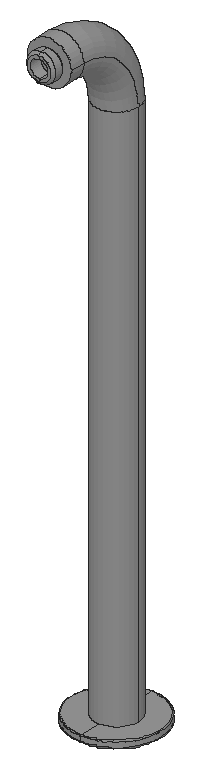
Revit family "Shower-Showerarm-KOHLER-K-15397T_1", category Plumbing Fixtures, host Face, Revit 2017
Family settings
  Host = Face
  Round Connector Dimension = Use Diameter
  Part Type = Normal
  OmniClass Number = 23.31.17.00
  Cut with Voids When Loaded = No
  Shared = No
  Room Calculation Point = No
Parameters (values of type "Not a Type-See Type Catalog")
  Width = 2 143/256"  # constant formula
  WaterSense Certified = 1 = 0  # no
  Waste Water Outlet = "Waste Water Outlet"  # constant formula
  Waste Connection = 1 = 0  # no
  Vent Connection = 1 = 0  # no
  URL = "http://www.kohler.com.cn/"
  Type = 0
  Product Page URL = "https://www.kohler.com.cn/product/K-15397T-B-CP/K-15397T-B-2BZ/"
  Product Name = ""
  Product Documentation Link = "https://files.kohler.com.cn/pdfs/1532355004750_15397T-B-CP%2015396T-B-CP%2015399T-B-CP%2015398T-B-CP%2021776T-CP%20安装说明书.pdf"
  Pressure = 0.00 psi
  Panel Thickness = 0"
  Model = if(Type = 1, "K-15397T-B-2BZ", if(Type = 2, "K-15397T-B-RGD ", if(Type = 3, "K-15397T-B-TT", if(Type = 4, "K-15397T-B-BV", if(Type = 5, "K-15397T-B-PGD", if(Type = 6, "K-15397T-B-SN", if(Type = 7, "K-15397T-B-BN", if(Type = 8, "K-15397T-B-AF", if(Type = 9, "K-15397T-B-CP", if(Type = 10, "K-15397T-B-2BL", if(Type = 11, "K-15397T-B-BL", if(Type = 12, "K-15397T-B-2MB", "NA"))))))))))))  # "NA"
  Material = "Premium Metal Construction"  # constant formula
  Master Format 2014 Name = "Residential Showers"  # constant formula
  Master Format 2014 = "22 42 23"  # constant formula
  Manufacturer Address = "Kohler Beijing Office (100016) 36-2-03-B, No. 88, Liuxiang Road, Beijing"  # constant formula
  Manufacturer = "KOHLER Co."  # constant formula
  Length = 17 7/8"  # constant formula
  Hot Water Inlet = "Tempered Water Inlet"  # constant formula
  Height = 2.55906"  # constant formula
  HW Connection = 1 = 1  # yes
  Flow Rate = 0 GPM
  Finish = Default
  Environmental Product Declaration = ""
  Drain Included = 1 = 0  # no
  Description = "Rain Shower Arm 19 inch"  # constant formula
  Default Elevation = 72"
  Declare Label = ""
  Date Modified = "09/22/2020"  # constant formula
  Date Created = "09/22/2020"  # constant formula
  Copyright = "Copyright KOHLER Co."  # constant formula
  Contact Us = "http://www.kohler.com.cn/contact/contact-us/"
  Cold Water Inlet = "Cold Water Inlet"  # constant formula
  CW Connection = 1 = 0  # no
  Assembly Code = "D2010700"
  ADA Compliant = 1 = 0  # no
Reference planes (in)
  plane 1 "Center (Front/Back)": y = 0
  plane 2: z = 0
  plane 3 "Center (Left/Right)": x = 0
  plane 4: y = 1.27953
  plane 5: y = -1.27953
  plane 6: x = -1.27953
  plane 7: x = 1.27907
  plane 8: y = -2.75563
  plane 9: z = 17.875
  plane 10: z = 0.19685
  plane 11: x = 0.625
  plane 12: x = -0.625
  plane 13: y = 0.625
  plane 14: y = -0.625
  plane 15: z = 18.49902
  plane 16: y = -2.38976
Dimensions and locks (in)
  "Length": level to plane 9
  "Height": plane 5 to plane 4
  "Width": plane 6 to plane 7
  aligned and locked: plane 2 to host face
  aligned and locked: level to host face
Automatic sketch dimensions
  host sketch curve to host sketch curve = 96"  (x2)
Nested families (in)
  nested 1: "K-15397T" at (0, 0, 0), type "K-15397T"
Connectors (in)
  piping at (0, 0, 0), diameter 0.5, driven by "HW Connection", driven by "Hot Water Inlet", driven by "Flow Rate"
    settings: on nested 1, index 1, connector inside diameter 24", connector length 0", flow factor 0, pipe flow 0 GPM, pressure drop 0.00 psi, fitting loss kfactor 0, connector angle 0.00°, fixture units 0, engagement length 0", angle of deflection 0.00°, flow configuration 0, flow direction 1, fitting loss method 0, system type 19, joint type 0, gender type 0, connector reference index -1, connector utility 1, adjustable connector no, is connector primary yes, connector description "Tempered Water Inlet"
Definition of nested family "K-15397T"
  Parameters (values of type "K-15397T")
    Material = none
  Reference planes (in)
    plane 1 "Center (Front/Back)": y = 0
    plane 2: z = 0
    plane 3 "Center (Left/Right)": x = 0
    plane 4: y = 1.27953
    plane 5: y = -1.27953
    plane 6: x = -1.27953
    plane 7: x = 1.27953
    plane 8: z = 17.87402
    plane 9: y = -2.75591
  Forms (in)
    Sweep 1, solid, material <- "Material", detail levels medium+fine
      path origin (0, 0, 0) x (0, 1, 0) y (0, 0, 1)
        loop
          line (-2.38976, 17.87402) -> (-1.95703, 17.87402)
          arc (-1.95703, 17.87402) -> (-0.5732, 17.30081) -> (0, 15.91698) r 1.95703
          line (0, 15.91698) -> (0, 0.19685)
      profile origin (0, 0, 8.05692) x (1, 0, 0) y (0, 1, 0)
        loop
          circle (0, 0) r 0.625
    Revolve 2, solid, material <- "Material", detail levels medium+fine
      sketch origin (0, 0, 4.12894) x (0, 1, 0) y (0, 0, 1)
        loop
          line (-2.38976, 13.99963) -> (-2.38976, 14.11019) -> (-2.46457, 14.11019) -> (-2.46457, 14.15883) -> (-2.68133, 14.15883) -> (-2.75591, 14.08426) -> (-2.75591, 13.99963) -> (-2.38976, 13.99963)
        axis (-2.38976, 13.74508) -> (-2.75591, 13.74508)
      angle from 0 to 360
    Revolve 3, solid, material <- "Material", detail levels medium+fine
      sketch origin (0, 0, 0) x (0, 1, 0) y (0, 0, 1)
        loop
          arc (-1.25845, 0.19685) -> (-1.27335, 0.19068) -> (-1.27953, 0.17577) r 0.02108
          line (-1.27953, 0.17577) -> (-1.27953, 0.02065)
          arc (-1.27953, 0.02065) -> (-1.27348, 0.00605) -> (-1.25888, 0) r 0.02065
          line (-1.25888, 0) -> (0, 0) -> (0, 0.19685) -> (-1.25845, 0.19685)
        axis (0, 0) -> (0, 0.19685)
      angle from 0 to 360
    Revolve 4, solid, material <- "Material", detail levels coarse
      sketch origin (0, 0, 0) x (0, 1, 0) y (0, 0, 1)
        loop
          line (-1.27953, 0.19685) -> (-1.27953, 0) -> (0, 0) -> (0, 0.19685) -> (-1.27953, 0.19685)
        axis (0, 0) -> (0, 0.19685)
      angle from 0 to 360
    Sweep 5, solid, material <- "Material", detail levels coarse
      path origin (0, 0, 0) x (0, 1, 0) y (0, 0, 1)
        loop
          line (-2.75591, 17.87402) -> (-1.95703, 17.87402)
          arc (-1.95703, 17.87402) -> (-0.5732, 17.30081) -> (0, 15.91698) r 1.95703
          line (0, 15.91698) -> (0, 0.19685)
      profile origin (0, 0, 8.05692) x (1, 0, 0) y (0, 1, 0)
        loop
          circle (0, 0) r 0.625
    Extrusion 6, solid, material <- "Material"
      sketch origin (0, 0, 0) x (1, 0, 0) y (0, 1, 0)
        loop
          circle (0, 0) r 0.25
      from 0 to 0.0625
  Cuts and joins
    joined: Sweep 1, Revolve 2, Revolve 3
    joined: Revolve 4, Sweep 5
  Lines and regions (in)
    Masking region 1
      outline origin (0, 0, 0) x (0, 1, 0) y (0, 0, 1)
        loop
          arc (1.25873, 0) -> (1.27344, 0.00609) -> (1.27953, 0.0208) r 0.0208
          line (1.27953, 0.0208) -> (1.27953, 0.17616)
          arc (1.27953, 0.17616) -> (1.27347, 0.19079) -> (1.25884, 0.19685) r 0.02069
          line (1.25884, 0.19685) -> (0.625, 0.19685) -> (0.625, 15.91902)
          arc (0.625, 15.91902) -> (-0.13066, 17.74335) -> (-1.955, 18.49902) r 2.58
          line (-1.955, 18.49902) -> (-2.38976, 18.49902) -> (-2.38976, 18.23734) -> (-2.46457, 18.23734) -> (-2.46457, 18.28777) -> (-2.68133, 18.28777) -> (-2.75591, 18.21319) -> (-2.75591, 17.53484) -> (-2.68133, 17.46026) -> (-2.46457, 17.46026) -> (-2.46457, 17.51069) -> (-2.38976, 17.51069) -> (-2.38976, 17.24902) -> (-1.96698, 17.24902)
          arc (-1.96698, 17.24902) -> (-1.01806, 16.85596) -> (-0.625, 15.90703) r 1.34198
          line (-0.625, 15.90703) -> (-0.625, 0.19685) -> (-1.25884, 0.19685)
          arc (-1.25884, 0.19685) -> (-1.27347, 0.19079) -> (-1.27953, 0.17616) r 0.02069
          line (-1.27953, 0.17616) -> (-1.27953, 0.0208)
          arc (-1.27953, 0.0208) -> (-1.27344, 0.00609) -> (-1.25873, 0) r 0.0208
          line (-1.25873, 0) -> (1.25873, 0)
    Masking region 2
      outline origin (0, 0, 0) x (1, 0, 0) y (0, 0, 1)
        loop
          arc (1.25873, 0) -> (1.27344, 0.00609) -> (1.27953, 0.0208) r 0.0208
          line (1.27953, 0.0208) -> (1.27953, 0.17616)
          arc (1.27953, 0.17616) -> (1.27347, 0.19079) -> (1.25884, 0.19685) r 0.02069
          line (1.25884, 0.19685) -> (0.625, 0.19685) -> (0.625, 17.87402)
          arc (0.625, 17.87402) -> (0, 18.49902) -> (-0.625, 17.87402) r 0.625
          line (-0.625, 17.87402) -> (-0.625, 0.19685) -> (-1.25884, 0.19685)
          arc (-1.25884, 0.19685) -> (-1.27347, 0.19079) -> (-1.27953, 0.17616) r 0.02069
          line (-1.27953, 0.17616) -> (-1.27953, 0.0208)
          arc (-1.27953, 0.0208) -> (-1.27344, 0.00609) -> (-1.25873, 0) r 0.0208
          line (-1.25873, 0) -> (1.25873, 0)
    Masking region 3
      outline origin (0, 0, 0) x (1, 0, 0) y (0, 1, 0)
        loop
          arc (0.625, -1.1165) -> (0, 1.27953) -> (-0.625, -1.1165) r 1.27953
          line (-0.625, -1.1165) -> (-0.625, -2.38976) -> (-0.36511, -2.38976) -> (-0.36511, -2.46457) -> (-0.41375, -2.46457) -> (-0.41375, -2.68133) -> (-0.33918, -2.75591) -> (0.33918, -2.75591) -> (0.41375, -2.68133) -> (0.41375, -2.46457) -> (0.36511, -2.46457) -> (0.36511, -2.38976) -> (0.625, -2.38976) -> (0.625, -1.1165)
    symbolic lines, detail levels medium+fine
      curve 1: line (0, 0.625, 0.19685) -> (0, -0.625, 0.19685)
      curve 2: line (0, 1.27953, 0.17616) -> (0, -1.27953, 0.17616)
      curve 3: line (0, 1.27953, 0.0208) -> (0, -1.27953, 0.0208)
      curve 4: line (0, -2.38976, 18.23912) -> (0, -2.38976, 17.50891)
      curve 5: line (0, -2.46457, 18.23912) -> (0, -2.46457, 17.50891)
      curve 6: line (0, -2.68133, 18.28777) -> (0, -2.68133, 17.46026)
      curve 7: line (0, -2.63836, 18.28777) -> (0, -2.63836, 17.46026)
      curve 8: line (0, -2.59539, 18.28777) -> (0, -2.59539, 17.46026)
      curve 9: line (0, -2.55242, 18.28777) -> (0, -2.55242, 17.46026)
      curve 10: line (0, -2.50946, 18.28777) -> (0, -2.50946, 17.46026)
      curve 11: line (0.625, 0, 0.19685) -> (-0.625, 0, 0.19685)
      curve 12: line (1.27953, 0, 0.17616) -> (-1.27953, 0, 0.17616)
      curve 13: line (1.27953, 0, 0.0208) -> (-1.27953, 0, 0.0208)
      curve 14: arc (0.625, 0, 0) -> (0, 0.625, 0) -> (-0.625, 0, 0) r 0.625
      curve 15: line (-0.625, -1.1165, 0) -> (-0.625, 0, 0)
      curve 16: line (0.625, -1.1165, 0) -> (0.625, 0, 0)
      curve 17: line (-0.36511, -2.38976, 0) -> (0.36511, -2.38976, 0)
      curve 18: line (-0.36511, -2.46457, 0) -> (0.36511, -2.46457, 0)
      curve 19: line (-0.41375, -2.68133, 0) -> (0.41375, -2.68133, 0)
      curve 20: line (-0.41375, -2.63836, 0) -> (0.41375, -2.63836, 0)
      curve 21: line (-0.41375, -2.59539, 0) -> (0.41375, -2.59539, 0)
      curve 22: line (-0.41375, -2.55242, 0) -> (0.41375, -2.55242, 0)
      curve 23: line (-0.41375, -2.50946, 0) -> (0.41375, -2.50946, 0)
      curve 24: arc (0.625, -1.08253, 0) -> (0, 1.25, 0) -> (-0.625, -1.08253, 0) r 1.25
  Dimensions and locks (in)
    level to plane 8 = 17.87402"
    aligned and locked: plane 2 to level
